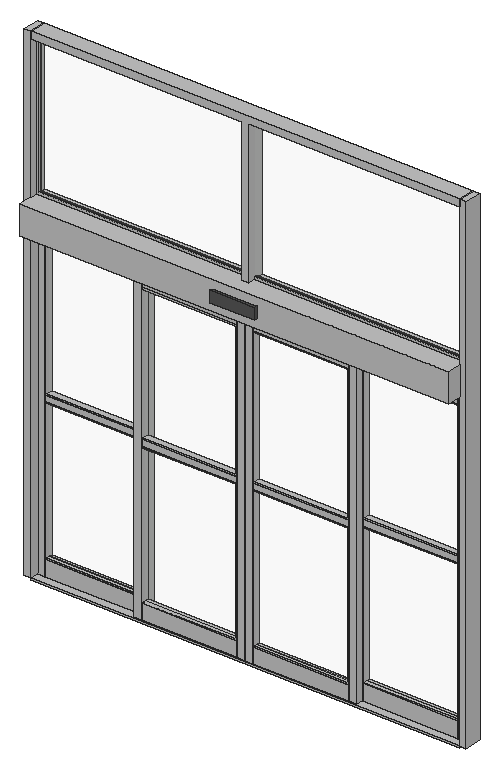
Revit family "Auto-Door_Sliding_BiPart_CurtainWall_Tormax_TX9300", category Doors, Revit 2026
Family settings
  Classification Number = 23.30.10.17.11
  Always vertical = Yes
  Cut with Voids When Loaded = No
  Shared = No
  Room Calculation Point = No
Parameters (values of type "Type as Specified")
  headerdepth = if(HD Drive, 0' 9 1/2", 0' 8")  # 0' - 8"
  Water Penetration = "as Specified"
  Warranty Duration (Years) = 0
  VLT [instance] = 0
  Unit Width [instance] = 9' - 10 3/4"
  Unit Height [instance] = 11' - 0"
  URL = "http://www.tormaxusa.com/"
  U-Factor [instance] = 0
  Transom Height [instance] = 3' - 4"
  Thickness = Frame Thickness  # 0' - 4 1/2"
  Test Data = ""
  Structural Test Pressure = "as Specified"
  Storm Impact Door = no
  Storm Door = no
  Standards Conformance = "as Specified"
  Specification = "http://www.arcat.com/sdspecs/htm/08463tor.htm"
  SpecWizard = ""
  Sensor Color [instance] = Metal - Tormax - Black
  Send Message = "http://www.arcat.com/users.pl?action=UserEmail&company=Tormax+Technologies,+Inc.&coid=43969&rep=108&fax=210-494-5930&mf="
  Sales Information = "http://www.tormaxusa.com/contact.php"
  SHGC [instance] = 0
  Revision = "R1_02-2014"
  ReportPackageWidth [instance] = 9' - 10.88605"
  ReportPackageHeight [instance] = 10' - 11 3/4"
  RO Width [instance] = Unit Width + (RO Spacing_Sides * 2)  # 9' - 11 1/4"
  RO Spacing_Top = 0' - 0 1/4"
  RO Spacing_Sides = 0' - 0 1/4"
  RO Height [instance] = Unit Height + (RO Spacing_Top)  # 11' - 0 1/4"
  Product Properties = ""
  Product Page URL = ""
  Product Data = "http://www.arcat.com/arcatcos/cos43/arc43969.html"
  Panel Width [instance] = (Unit Width / 4) + 0' 0 3/8"  # 2' - 6 1/16"
  Panel Thickness = 0' - 1 3/4"  # constant formula
  Operating Temperature Range = "as Specified"
  Miami Dade Conformance = "as Specified"
  Max Width [instance] = 16' - 0"
  Max Height [instance] = 8' - 8"
  Include Transom = yes
  Has Full Breakout Capability = yes
  HD Drive = no
  Glazing Tint [instance] = Glass - Tormax - Glazing as Specified
  Glazing Thickness_Transom [instance] = 0' - 0 1/4"
  Glazing Thickness_Sliding Panel [instance] = 0' - 0 1/4"
  Glazing Thickness_Fixed Panel [instance] = 0' - 0 1/4"
  Glazing Stop Width [instance] = if(Storm Impact Door, 0' 1 1/4", 0' 0 1/4")  # 0' - 0 1/4"
  Frame Thickness = 0' - 4 1/2"  # constant formula
  Frame Finish [instance] = Metal - Tormax - Aluminum Finished as Specified
  Fixed Panel Material [instance] = Glass - Tormax - Glazing as Specified
  Egress Width [instance] = (Clear Door Opening Width * 2) + 0' 9"  # 8' - 7 3/4"
  Door Threshold [instance] = 9300BP : Recessed Threshold
  Door Stile_Operable Leaf_Wide [instance] = not(Door Stile_Operable Leaf_Narrow)  # no
  Door Stile_Operable Leaf_Narrow [instance] = yes
  Door Stile_Fixed Leaf_Wide [instance] = not(Door Stile_Fixed Leaf_Narrow)  # no
  Door Stile_Fixed Leaf_Narrow [instance] = yes
  Door Stile Width_Operable Leaf [instance] = if(Door Stile_Operable Leaf_Narrow, 0' 2 1/8", 0' 5 1/2")  # 0' - 2 1/8"
  Door Stile Width_Fixed Leaf [instance] = if(Door Stile_Fixed Leaf_Narrow, 0' 2 1/8", 0' 5 1/2")  # 0' - 2 1/8"
  Door Bottom Rail_Tall [instance] = not(Door Bottom Rail_Standard)  # no
  Door Bottom Rail_Standard [instance] = yes
  Door Bottom Rail Height [instance] = if(Door Bottom Rail_Standard, 0' 4", 0' 10")  # 0' - 4"
  Define Thermal Properties by = Schematic Type
  Clear Door Opening Width [instance] = (Panel Width - 0' 6 3/8") * 2  # 3' - 11 3/8"
  Clear Door Opening Height [instance] = Unit Height - Transom Height - 0' 7 3/4" - 0' 1 1/8"  # 6' - 11 1/8"
  CL Adjustment Location [instance] = 0' - 0"
  Model = "As Specified in 08463"
  Manufacturer Website = "http://www.tormaxusa.com/"
  Manufacturer Phone - Toll Free = "888-685-3707"
  Manufacturer Phone = "210-494-3551"
  Manufacturer Fax = "210-494-5930"
  Manufacturer Address = "12859 Wetmore Rd. San Antonio, TX 78247"
  Manufacturer = "TORMAX USA Inc."
  Maintenance Schedule (Months) = 0
  Keynote = "08463"
  Installation-Fabrication = ""
  Installation Phase = ""
  Green Building-LEED = "http://www.arcat.com/green/clients/leed_data_43969.html"
  Function = Interior
  Expected Lifespan (Years) = 0
  Drawn By = "Sumex Design, Inc. / Robert S. Weygant, CSI, CDT, SCIP"
  Description = "Tormax Automatic Sliding Door as Specified in 08463"
  Copyright = "©Arcat Inc."
  Construction Details = "http://www.arcat.com/details/tormax/tormax.html?coid=43969"
  CAD Details = ""
  Breakout Angle [instance] = 45.00°
  Backset from Panel CL [instance] = 0' - 0"
  Available Options = "as Specified"
  Assembly Code = "B2030110"
  Analytic Construction = "<None>"
  Air Infiltration = "as Specified"
  Access Control = no
Reference planes (in)
  plane 1 "Center (Front/Back": y = 0
  plane 2: z = 0
  plane 3 "Center (Left/Right)": x = -2.55803
  plane 4 "Left": x = -62.25106
  plane 5 "Right": x = 57.13499
  plane 6 "Top": z = 131.75
  plane 7: y = 0
  plane 8 "Frame CL": y = 0
  plane 9: y = 2.25
  plane 10: y = -2.25
  plane 11: x = -62.00106
  plane 12: x = 56.88499
  plane 13: z = 132
  plane 14: z = 91.75
Text (in)
  text "Exterior" at (-65.12119, 31.38743, 0), in view "Plan"
Dimensions and locks (in)
  equal spacing: plane 4 "Left", plane 3 "Center (Left/Right)", plane 5 "Right"
  "CL Adjustment Location": plane 1 "Center (Front/Back" to plane 7
  "Backset from Panel CL": plane 7 to plane 8 "Frame CL"
  equal spacing: plane 9, plane 8 "Frame CL", plane 10
  locked: plane 9 to plane 10 at 4.5
  "RO Spacing_Sides": plane 4 "Left" to plane 11
  "RO Spacing_Sides": plane 12 to plane 5 "Right"
  "RO Spacing_Top": plane 13 to plane 6 "Top"
  "ReportPackageWidth": plane 11 to plane 12
  "ReportPackageHeight": plane 6 "Top" to level
  "Transom Height": plane 6 "Top" to plane 14
  aligned and locked: nested 1 to plane 3 "Center (Left/Right)"
Nested families (in)
  nested 1: "9300BP" at (-2.55803, 0, 66) x (-1, 0, 0) z (0, 1, 0), stormimpact <- "Storm Impact Door", include transom <- "Include Transom", breakout <- "Has Full Breakout Capability", accesscontrol <- "Access Control", breakout angle <- "Breakout Angle", doodad finish <- "Sensor Color", fixed glazing thickness <- "Glazing Thickness_Fixed Panel", glazing stop width <- "Glazing Stop Width", Unit Width <- "ReportPackageWidth", Unit Height <- "ReportPackageHeight", transom glazing <- "Glazing Tint", sliding panel glazing <- "Glazing Tint", fixed panel glazing <- "Fixed Panel Material", frame finish <- "Frame Finish", transom height <- "Transom Height", transom glass thickness <- "Glazing Thickness_Transom", stile width_operable <- "Door Stile Width_Operable Leaf", stile width_fixed <- "Door Stile Width_Fixed Leaf", sliding glazing thickness <- "Glazing Thickness_Sliding Panel", bottom rail height <- "Door Bottom Rail Height", type <- "Door Threshold", headerdepth <- "headerdepth", type "Recessed Threshold"
    with transom height 3' - 4", transom glazing Glass - Tormax - Glazing as Specified, transom glass thickness 0' - 0 1/4", stormimpact no, stile width_operable 0' - 2 1/8", stile width_fixed 0' - 2 1/8", sliding panel glazing Glass - Tormax - Glazing as Specified, sliding glazing thickness 0' - 0 1/4", panelheightb 7' - 0", panelheighta 6' - 11 11/16", panel width 2' - 6.03401", panel thickness 0' - 1 3/4", nonimpact yes, locatepanelfromright 0' - 0", locatepanelfromleft 0' - 0", include transom yes, headerdepth 0' - 8", glazing stop width 0' - 0 1/4", frame finish Metal - Tormax - Aluminum Finished as Specified, fixed panel glazing Glass - Tormax - Glazing as Specified, fixed glazing thickness 0' - 0 1/4", doodad finish Metal - Tormax - Black, center rail width 0' - 1 3/4", breakout angle 45.00°, breakout yes, bottom rail height 0' - 4", air space 0' - 0 5/16", accesscontrol no, Unit Width 9' - 10.88605", Unit Height 10' - 11 3/4"
Definition of nested family "9300BP"
  Parameters (values of type "Partial Recessed Threshold")
    transom height [instance] = 3' - 4 3/16"
    transom glazing [instance] = none
    transom glass thickness [instance] = 0' - 1"
    surface threshold = no
    stormimpact [instance] = yes
    stile width_fixed [instance] = 0' - 2 1/8"
    panelheightb [instance] = Unit Height - transom height - 0' 7 3/4" - (air space - 0' 0 5/16")  # 7' - 0 1/16"
    panelheighta [instance] = Unit Height - transom height - 0' 7 3/4" - air space  # 6' - 11 3/4"
    nonimpact [instance] = not(stormimpact)  # no
    stile width_operable [instance] = 0' - 2 1/8"
    sliding panel glazing [instance] = none
    panel width [instance] = (Unit Width + 0' 1 1/4") / 4  # 1' - 9 5/16"
    panel thickness [instance] = 0' - 1 3/4"
    locatepanelfromright [instance] = 0' - 0"  # constant formula
    locatepanelfromleft [instance] = 0' - 0"  # constant formula
    include transom [instance] = yes
    sliding glazing thickness [instance] = 0' - 0 1/2"
    headerdepth [instance] = 0' - 8"
    glazing stop width [instance] = 0' - 0 1/4"
    frame finish [instance] = none
    fixed panel glazing [instance] = none
    fixed glazing thickness [instance] = 0' - 0 1/4"
    doodad finish [instance] = none
    center rail width [instance] = if(accesscontrol, 0' 4 1/2", 0' 1 3/4")  # 0' - 4 1/2"
    breakout angle [instance] = 45.00°
    breakout [instance] = yes
    bottom rail height [instance] = 0' - 4"
    air space [instance] = if(surface threshold, 0' 0 13/16", 0' 0 5/16")  # 0' - 0 5/16"
    accesscontrol [instance] = yes
    Warranty Duration (Years) = 0
    Unit Width [instance] = 7' - 0"
    Unit Height [instance] = 11' - 0"
    Unit Depth = 2' - 8"
    URL = ""
    Threshold_recessed = no
    Threshold_partial recess = yes
    Threshold_double bevel = no
    Threshold_bevel interior = no
    Threshold_bevel exterior = no
    Thickness = 0' - 2 1/8"
    Specification = ""
    SpecWizard = ""
    Send Message = ""
    Sales Information = ""
    Revision = "R1_01-2014"
    Product Properties = ""
    Product Data = ""
    Model = "As Specified"
    Manufacturer Website = ""
    Manufacturer Phone - Toll Free = ""
    Manufacturer Phone = ""
    Manufacturer Fax = ""
    Manufacturer Address = ""
    Manufacturer = ""
    Maintenance Schedule (Months) = 0
    Keynote = ""
    Installation-Fabrication = ""
    Installation Phase = ""
    Green Building-LEED = ""
    Expected Lifespan (Years) = 0
    Drawn By = "Sumex Design, Inc. / Robert S. Weygant, CSI, CDT, SCIP"
    Description = ""
    Define Thermal Properties by = 1
    Default Elevation = 0' - 0"
    Copyright = "©Arcat Inc."
    Construction Details = ""
    Assembly Code = ""
    Analytic Construction = "<None>"
  Types (6): name | surface threshold | panelheightb | panelheighta | air space | Threshold_recessed | Threshold_partial recess | Threshold_double bevel | Threshold_bevel interior | Threshold_bevel exterior
    No Threshold | no | 7' - 0 1/16" | 6' - 11 3/4" | 0' - 0 5/16" | no | no | no | no | no
    Recessed Threshold | no | 7' - 0 1/16" | 6' - 11 3/4" | 0' - 0 5/16" | yes | no | no | no | no
    Bevel to Exterior Threshold | yes | 6' - 11 9/16" | 6' - 11 1/4" | 0' - 0 13/16" | no | no | no | no | yes
    Bevel to Interior Threshold | yes | 6' - 11 9/16" | 6' - 11 1/4" | 0' - 0 13/16" | no | no | no | yes | no
    Double Bevel Threshold | yes | 6' - 11 9/16" | 6' - 11 1/4" | 0' - 0 13/16" | no | no | yes | no | no
    Partial Recessed Threshold | no | 7' - 0 1/16" | 6' - 11 3/4" | 0' - 0 5/16" | no | yes | no | no | no
  Reference planes (in)
    plane 1 "Center (Front/Back)": y = 0
    plane 2 "Bottom": z = 0
    plane 3 "Center (Left/Right)": x = 0
    plane 4 "FF": y = -66
    plane 5 "Top": y = 66
    plane 6 "Left": x = -42
    plane 7 "Right": x = 42
    plane 8: y = 25.8125
    plane 9: z = 0.5
    plane 10: z = -0.5
    plane 11: x = -40.25
    plane 12: x = 40.25
    plane 13: x = 21.3125
    plane 14: x = 18.9375
    plane 15: y = -65.6875
    plane 16: z = 2.25
    plane 17: x = 40.25
    plane 18: y = 18.0625
    plane 19: x = 10.65625
    plane 20: x = -20.125
    plane 21: x = 20.125
    plane 22: x = -21.3125
    plane 23: x = -18.9375
    plane 24: x = -10.65625
    plane 25: x = -19.1875
    plane 26: x = 19.1875
    plane 27: y = -66
    plane 28: z = -2.25
    plane 29: z = 1.75
    plane 30: x = -40.25
    plane 31: x = 40.25
    plane 32: z = -5.75
  Forms (in)
    Extrusion 1, solid, material <- "frame finish"
      sketch origin (0, 0, 0) x (1, 0, 0) y (0, 0, 1)
        loop
          line (-42, -2.25) -> (-40.25, -2.25) -> (-40.25, 2.25) -> (-42, 2.25) -> (-42, -2.25)
        loop
          line (40.25, -2.25) -> (42, -2.25) -> (42, 2.25) -> (40.25, 2.25) -> (40.25, -2.25)
      from -66 to 66
    Extrusion 2, solid, material <- "frame finish"
      sketch origin (0, 0, 0) x (0, 1, 0) y (0, 0, 1)
        loop
          line (66, 2.25) -> (64.1875, 2.25) -> (64.1875, -2.25) -> (66, -2.25) -> (66, 2.25)
      from -40.25 to 40.25
    Extrusion 3, solid, material <- "frame finish"
      sketch origin (0, 0, 0) x (0, 1, 0) y (0, 0, 1)
        loop
          line (25.8125, -5.75) -> (25.8125, 2.25) -> (18.0625, 2.25) -> (18.0625, -5.75) -> (25.8125, -5.75)
      from -40.25 to 40.25
    Extrusion 4, solid, material <- "transom glazing", visible <- "include transom"
      sketch origin (0, 0, 0) x (0, 1, 0) y (0, 0, 1)
        loop
          line (25.8125, -0.5) -> (64.1875, -0.5) -> (64.1875, 0.5) -> (25.8125, 0.5) -> (25.8125, -0.5)
      from -40.25 to 40.25
    Sweep 5, solid, material <- "frame finish", visible <- "include transom"
      path origin (0, 0, 0) x (1, 0, 0) y (0, 1, 0)
        loop
          line (-40.25, 64.1875) -> (-40.25, 25.8125) -> (40.25, 25.8125) -> (40.25, 64.1875) -> (-40.25, 64.1875)
      profile origin (0, 64.1875, 0) x (0, 1, 0) y (0, 0, 1)
        loop
          line (0, 0.5) -> (0, 0.5625) -> (-0.75, 0.5625) -> (-0.75, 0.5) -> (0, 0.5)
        loop
          line (0, -0.5) -> (-0.75, -0.5) -> (-0.75, -0.75) -> (0, -0.75) -> (0, -0.5)
    Extrusion 6, solid, material <- "frame finish", visible <- "Threshold_recessed"
      sketch origin (0, 0, 0) x (0, 1, 0) y (0, 0, 1)
        loop
          line (-66, 2.25) -> (-66.5, 2.25) -> (-66.5, -2.25) -> (-66, -2.25) -> (-66, 2.25)
      from -40.25 to 40.25
    Extrusion 7, solid, material <- "frame finish", visible <- "Threshold_bevel exterior"
      sketch origin (0, 0, 0) x (0, 1, 0) y (0, 0, 1)
        loop
          line (-66, -2.25) -> (-65.5, -2.25) -> (-65.5, 2.25) -> (-66, 4.25) -> (-66, -2.25)
      from -40.25 to 40.25
    Extrusion 8, solid, material <- "frame finish", visible <- "Threshold_bevel interior"
      sketch origin (0, 0, 0) x (0, 1, 0) y (0, 0, 1)
        loop
          line (-65.5, -2.25) -> (-65.5, 2.25) -> (-66, 2.25) -> (-66, -4.25) -> (-65.5, -2.25)
      from -40.25 to 40.25
    Extrusion 9, solid, material <- "frame finish", visible <- "Threshold_double bevel"
      sketch origin (0, 0, 0) x (0, 1, 0) y (0, 0, 1)
        loop
          line (-66, 4.25) -> (-66, -4.25) -> (-65.5, -2.25) -> (-65.5, 2.25) -> (-66, 4.25)
      from -40.25 to 40.25
    Extrusion 10, solid, material <- "doodad finish"
      sketch origin (0, 0, 0) x (0, 1, 0) y (0, 0, 1)
        loop
          line (23.4375, 2.25) -> (23.4375, 3) -> (20.4375, 3) -> (20.4375, 2.25) -> (23.4375, 2.25)
        loop
          line (23.4375, -6.5) -> (23.4375, -5.75) -> (20.4375, -5.75) -> (20.4375, -6.5) -> (23.4375, -6.5)
      from -6 to 6
    Extrusion 11, solid, material <- "frame finish", visible <- "Threshold_partial recess"
      sketch origin (-40.25, -180, 14.24335) x (0, 0, 1) y (0, -1, 0)
        loop
          line (-11.99335, -114) -> (-11.99335, -113.5) -> (-16.49335, -113.5) -> (-16.49335, -114) -> (-11.99335, -114)
      from 0 to 21.3125 <- "panel width"
    Extrusion 12, solid, material <- "frame finish", visible <- "Threshold_partial recess"
      sketch origin (40.25, -180, 12.3397) x (0, 0, -1) y (0, -1, 0)
        loop
          line (10.0897, -114) -> (14.5897, -114) -> (14.5897, -113.5) -> (10.0897, -113.5) -> (10.0897, -114)
      from 0 to 21.3125 <- "panel width"
    Extrusion 13, solid, material <- "frame finish"
      sketch origin (0, 0, 0) x (0, 1, 0) y (0, 0, 1)
        loop
          line (25.8125, 2.25) -> (25.8125, -2.25) -> (64.1875, -2.25) -> (64.1875, 2.25) -> (25.8125, 2.25)
      from 0.875 to -0.875
  Cuts and joins
    joined: Extrusion 2, Extrusion 13
  Dimensions and locks (in)
    "Unit Width": plane 6 "Left" to plane 7 "Right"
    equal spacing: plane 5 "Top", plane 1 "Center (Front/Back)", plane 4 "FF"
    "Unit Height": plane 5 "Top" to plane 4 "FF"
    "transom height": plane 5 "Top" to plane 8
    locked: Extrusion 2 sketch curve to plane 5 "Top" at 1.8125
    locked: Extrusion 3 sketch curve to plane 8 at 7.75
    equal spacing: plane 10, level, plane 9
    "transom glass thickness": plane 10 to plane 9
    locked: Extrusion 4 sketch curve to plane 5 "Top" at 1.8125
    locked: plane 6 "Left" to Sweep 5 sketch curve at 1.75
    locked: Sweep 5 sketch curve to plane 7 "Right" at 1.75
    locked: plane 5 "Top" to Sweep 5 sketch curve at 1.8125
    locked: plane 9 to Sweep 5 sketch curve at 0.0625
    Sweep 5 sketch curve to Sweep 5 sketch curve to plane 5 "Top" = 0' - 0 3/4" locked, 0' - 1 13/16" locked  (x2)
    locked: Sweep 5 sketch curve to plane 10 at 0.25
    locked: plane 12 to plane 7 "Right" at 1.75
    locked: plane 6 "Left" to plane 11 at 1.75
    "air space": plane 15 to plane 4 "FF"
    locked: plane 18 to plane 8 at 7.75
    locked: plane 16 to level at 2.25
    Extrusion 1 sketch curve to level to Extrusion 1 sketch curve = 0' - 2 1/4" locked, 0' - 2 1/4" locked  (x2)
    Extrusion 6 sketch curve to level to Extrusion 6 sketch curve = 0' - 2 1/4" locked, 0' - 2 1/4" locked
    locked: Extrusion 6 sketch curve to plane 4 "FF" at 0.5
    Extrusion 7 sketch curve to level to Extrusion 7 sketch curve to Extrusion 7 sketch curve = 0' - 2 1/4" locked, 0' - 2 1/4" locked, 0' - 2" locked
    Extrusion 8 sketch curve to Extrusion 8 sketch curve to level to Extrusion 8 sketch curve = 0' - 2" locked, 0' - 2 1/4" locked, 0' - 2 1/4" locked
    Extrusion 9 sketch curve to Extrusion 9 sketch curve to level to Extrusion 9 sketch curve to Extrusion 9 sketch curve = 0' - 2" locked, 0' - 2 1/4" locked, 0' - 2 1/4" locked, 0' - 2" locked
    locked: plane 4 "FF" to Extrusion 9 sketch curve at 0.5
    locked: plane 4 "FF" to Extrusion 7 sketch curve at 0.5
    locked: plane 4 "FF" to Extrusion 8 sketch curve at 0.5
    locked: plane 18 to Extrusion 10 sketch curve at 2.375  (x2)
    locked: Extrusion 10 sketch curve to plane 8 at 2.375  (x2)
    equal spacing: plane 13, plane 21, plane 14
    equal spacing: plane 11, plane 20, plane 3 "Center (Left/Right)", plane 21, plane 12
    locked: plane 12 to plane 17
    equal spacing: plane 23, plane 20, plane 22
    "stile width_operable": plane 22 to plane 25
    "glazing stop width": plane 25 to plane 23
    "stile width_operable": plane 26 to plane 13
    "glazing stop width": plane 14 to plane 26
    locked: level to plane 28 at 2.25
    locked: plane 15 to plane 27 at 0.3125
    locked: plane 16 to plane 29 at 0.5
    Extrusion 11 sketch curve to level to Extrusion 11 sketch curve = 0' - 2 1/4" locked, 0' - 2 1/4" locked
    locked: Extrusion 11 sketch curve to plane 4 "FF" at 0.5
    Extrusion 12 sketch curve to level to Extrusion 12 sketch curve = 0' - 2 1/4" locked, 0' - 2 1/4" locked
    locked: Extrusion 12 sketch curve to plane 4 "FF" at 0.5
    "headerdepth": plane 16 to plane 32
    locked: Extrusion 10 sketch curve to plane 16 at 0.75
    locked: plane 32 to Extrusion 10 sketch curve at 0.75
    locked: Extrusion 13 sketch curve to plane 5 "Top" at 1.8125
    aligned and locked: Extrusion 1 to plane 5 "Top"
    aligned and locked: Extrusion 1 to plane 4 "FF"
    aligned and locked: plane 5 "Top" to Extrusion 2 sketch curve
    aligned and locked: plane 8 to Extrusion 3 sketch curve
    aligned and locked: plane 8 to Extrusion 4 sketch curve
    aligned and locked: Sweep 5 sketch curve to plane 8
    aligned and locked: plane 9 to Sweep 5 sketch curve
    aligned and locked: plane 10 to Sweep 5 sketch curve
    aligned and locked: plane 11 to Extrusion 1 sketch curve
    aligned and locked: plane 12 to Extrusion 1 sketch curve
    aligned and locked: Extrusion 1 sketch curve to plane 7 "Right"
    aligned and locked: plane 6 "Left" to Extrusion 1 sketch curve
    aligned and locked: Extrusion 2 to plane 11
    aligned and locked: Extrusion 4 to plane 11
    aligned and locked: plane 12 to Extrusion 4
    aligned and locked: plane 12 to Extrusion 2
    aligned and locked: plane 12 to Extrusion 3
    aligned and locked: Extrusion 3 to plane 11
    aligned and locked: plane 4 "FF" to Extrusion 6 sketch curve
    aligned and locked: Extrusion 9 sketch curve to plane 4 "FF"
    aligned and locked: plane 4 "FF" to Extrusion 7 sketch curve
    aligned and locked: plane 4 "FF" to Extrusion 8 sketch curve
    aligned and locked: plane 17 to Extrusion 7
    aligned and locked: plane 17 to Extrusion 9
    aligned and locked: plane 17 to Extrusion 8
    aligned and locked: plane 17 to Extrusion 6
    aligned and locked: plane 11 to Extrusion 9
    aligned and locked: plane 11 to Extrusion 7
    aligned and locked: plane 11 to Extrusion 8
    aligned and locked: plane 11 to Extrusion 6
    aligned and locked: plane 15 to nested 1
    aligned: nested 1 to plane 18  (x2)
    aligned: plane 16 to nested 1
    aligned and locked: plane 27 to nested 2
    aligned: nested 2 to plane 18  (x2)
    aligned: plane 17 to nested 2
    aligned and locked: plane 29 to nested 2
    aligned and locked: plane 28 to nested 1
    aligned and locked: plane 17 to nested 2
    aligned and locked: nested 1 to plane 3 "Center (Left/Right)"
    aligned and locked: nested 4 to plane 27
    aligned and locked: nested 2 to plane 18
    aligned and locked: nested 3 to plane 15
    aligned and locked: plane 4 "FF" to Extrusion 11 sketch curve
    aligned and locked: plane 4 "FF" to Extrusion 12 sketch curve
    aligned and locked: plane 31 to plane 17
    aligned and locked: plane 30 to plane 11
    aligned and locked: nested 4 to plane 11
    aligned and locked: nested 3 to plane 3 "Center (Left/Right)"
    aligned and locked: plane 16 to Extrusion 3 sketch curve
    aligned and locked: Extrusion 3 sketch curve to plane 32
    aligned and locked: plane 16 to Extrusion 10 sketch curve
    aligned and locked: Extrusion 10 sketch curve to plane 32
    aligned and locked: plane 8 to Extrusion 13 sketch curve
  Automatic sketch dimensions
    plane 28 to Extrusion 2 sketch curve = 0' - 0"
    Extrusion 2 sketch curve to plane 16 = 0' - 0"
    plane 10 to Extrusion 4 sketch curve = 0' - 0"
    plane 9 to Extrusion 4 sketch curve = 0' - 0"
    plane 28 to Extrusion 13 sketch curve = 0' - 0"
    Extrusion 13 sketch curve to plane 16 = 0' - 0"
  Nested families (in)
    nested 1: "FramedPanelB" at (10.65625, -23.8125, -1.375), stilewidth <- "stile width_operable", glazing thickness <- "sliding glazing thickness", glassstopwidth <- "glazing stop width", bottomrailheight <- "bottom rail height", Width <- "panel width", breakout angle <- "breakout angle", nonimpact <- "nonimpact", stormimpact <- "stormimpact", frame finish <- "frame finish", fixed panel glazing <- "sliding panel glazing", Height <- "panelheighta", doodad <- "doodad finish", centerrailwidth <- "center rail width", type "FramedPanelB"
      with stormimpact yes, stilewidth 0' - 2 1/8", rightchannel no, nonimpact no, mainbreakout no, leftchannel no, glazing thickness 0' - 0 1/2", glassstopwidth 0' - 0 1/4", fullbreakout no, frame finish none, fixed panel glazing none, doodad none, directionalarrowinterior yes, directionalarrowexterior no, centerrailwidth 0' - 4 1/2", breakoutswing_plan yes, breakoutswing yes, breakout angle 45.00°, bottomrailheightactual 0' - 4", bottomrailheight 0' - 4", airspaceunderdoor 0' - 0", built-in parameter 1001301 1' - 9 5/16", built-in parameter 1001300 6' - 11 3/4"
    nested 2: "FramedPanelB" at (29.59375, -23.96875, 0.875), airspaceunderdoor <- "air space", bottomrailheight <- "bottom rail height", stilewidth <- "stile width_fixed", glazing thickness <- "fixed glazing thickness", glassstopwidth <- "glazing stop width", Width <- "panel width", nonimpact <- "nonimpact", stormimpact <- "stormimpact", frame finish <- "frame finish", fixed panel glazing <- "fixed panel glazing", breakout angle <- "breakout angle", Height <- "panelheightb", doodad <- "doodad finish", centerrailwidth <- "center rail width", type "FramedPanelB"
      with stormimpact yes, stilewidth 0' - 2 1/8", rightchannel no, nonimpact no, mainbreakout yes, leftchannel yes, glazing thickness 0' - 0 1/4", glassstopwidth 0' - 0 1/4", fullbreakout yes, frame finish none, fixed panel glazing none, doodad none, directionalarrowinterior no, directionalarrowexterior no, centerrailwidth 0' - 4 1/2", breakoutswing_plan yes, breakoutswing yes, breakout angle 45.00°, bottomrailheightactual 0' - 4 5/16", bottomrailheight 0' - 4", airspaceunderdoor 0' - 0 5/16", built-in parameter 1001301 1' - 9 5/16", built-in parameter 1001300 7' - 0 1/16"
    nested 3: "FramedPanelB" at (-10.65625, -23.8125, -1.375) x (-1, 0, 0) z (0, 0, 1), stilewidth <- "stile width_operable", glazing thickness <- "sliding glazing thickness", glassstopwidth <- "glazing stop width", bottomrailheight <- "bottom rail height", Width <- "panel width", breakout angle <- "breakout angle", nonimpact <- "nonimpact", stormimpact <- "stormimpact", frame finish <- "frame finish", fixed panel glazing <- "sliding panel glazing", Height <- "panelheighta", doodad <- "doodad finish", centerrailwidth <- "center rail width", type "FramedPanelB"
      with stormimpact yes, stilewidth 0' - 2 1/8", rightchannel no, nonimpact no, mainbreakout no, leftchannel no, glazing thickness 0' - 0 1/2", glassstopwidth 0' - 0 1/4", fullbreakout no, frame finish none, fixed panel glazing none, doodad none, directionalarrowinterior yes, directionalarrowexterior no, centerrailwidth 0' - 4 1/2", breakoutswing_plan yes, breakoutswing yes, breakout angle 45.00°, bottomrailheightactual 0' - 4", bottomrailheight 0' - 4", airspaceunderdoor 0' - 0", built-in parameter 1001301 1' - 9 5/16", built-in parameter 1001300 6' - 11 3/4"
    nested 4: "FramedPanelB" at (-29.59375, -23.96875, 0.875) x (-1, 0, 0) z (0, 0, 1), airspaceunderdoor <- "air space", bottomrailheight <- "bottom rail height", stilewidth <- "stile width_fixed", glazing thickness <- "fixed glazing thickness", glassstopwidth <- "glazing stop width", Width <- "panel width", nonimpact <- "nonimpact", stormimpact <- "stormimpact", frame finish <- "frame finish", fixed panel glazing <- "fixed panel glazing", breakout angle <- "breakout angle", Height <- "panelheightb", doodad <- "doodad finish", centerrailwidth <- "center rail width", type "FramedPanelB"
      with stormimpact yes, stilewidth 0' - 2 1/8", rightchannel no, nonimpact no, mainbreakout yes, leftchannel yes, glazing thickness 0' - 0 1/4", glassstopwidth 0' - 0 1/4", fullbreakout yes, frame finish none, fixed panel glazing none, doodad none, directionalarrowinterior no, directionalarrowexterior no, centerrailwidth 0' - 4 1/2", breakoutswing_plan yes, breakoutswing yes, breakout angle 45.00°, bottomrailheightactual 0' - 4 5/16", bottomrailheight 0' - 4", airspaceunderdoor 0' - 0 5/16", built-in parameter 1001301 1' - 9 5/16", built-in parameter 1001300 7' - 0 1/16"
  Definition of nested family "FramedPanelB"
    Parameters (values of type "FramedPanelB")
      stormimpact [instance] = yes
      stilewidth [instance] = 0' - 2 3/16"
      rightchannel [instance] = yes
      mainbreakout [instance] = yes
      nonimpact [instance] = no
      leftchannel [instance] = yes
      glazing thickness [instance] = 0' - 0 3/4"
      glassstopwidth [instance] = 0' - 0 1/4"
      fullbreakout [instance] = yes
      frame finish [instance] = none
      fixed panel glazing [instance] = none
      doodad [instance] = none
      directionalarrowinterior [instance] = yes
      directionalarrowexterior [instance] = yes
      centerrailwidth [instance] = 0' - 4 1/2"
      breakoutswing_plan [instance] = yes
      breakoutswing [instance] = yes
      breakout angle [instance] = 45.00°
      bottomrailheightactual [instance] = bottomrailheight + airspaceunderdoor  # 0' - 6 1/2"
      bottomrailheight [instance] = 0' - 6"
      airspaceunderdoor [instance] = 0' - 0 1/2"
      Width [instance] = 2' - 8"
      Warranty Duration (Years) = 0
      URL = ""
      Specification = ""
      SpecWizard = ""
      Send Message = ""
      Sales Information = ""
      Revision = "R1_01-2014"
      Product Properties = ""
      Product Data = ""
      Model = "As Specified"
      Manufacturer Website = ""
      Manufacturer Phone - Toll Free = ""
      Manufacturer Phone = ""
      Manufacturer Fax = ""
      Manufacturer Address = ""
      Manufacturer = ""
      Maintenance Schedule (Months) = 0
      Keynote = ""
      Installation-Fabrication = ""
      Installation Phase = ""
      Height [instance] = 6' - 0"
      Green Building-LEED = ""
      Expected Lifespan (Years) = 0
      Drawn By = "Sumex Design, Inc. / Robert S. Weygant, CSI, CDT, SCIP"
      Description = ""
      Define Thermal Properties by = 1
      Default Elevation = 0' - 0"
      Copyright = "©Arcat Inc."
      Construction Details = ""
      Assembly Code = ""
      Analytic Construction = "<None>"
    Reference planes (in)
      plane 1 "Center (Front/Back)": y = 0
      plane 2 "Bottom": z = 0
      plane 3 "Center (Left/Right)": x = 0
      plane 4 "Front": y = -36
      plane 5 "Back": y = 36
      plane 6 "Left": x = -16
      plane 7 "Right": x = 16
      plane 8 "Side1": z = 0.875
      plane 9: z = -0.875
      plane 10: z = 0.375
      plane 11: z = -0.375
      plane 12: y = -29.5
      plane 13: y = -29.25
      plane 14: x = -13.8125
      plane 15: y = 32.5
      plane 16: y = 7.25
      plane 17: y = 9.5
      plane 18: y = 5
      plane 19: y = 9.75
      plane 20: y = 4.75
      plane 21: x = -13.5625
      plane 22: x = 13.8125
      plane 23: y = 32.25
      plane 24: y = -35.5
      plane 25: y = 0.25
      plane 26: x = 13.5625
    Forms (in)
      Extrusion 1, solid, material <- "frame finish"
        sketch origin (-14.75, 57.80249, -0.875) x (1, 0, 0) y (0, 1, 0)
          loop
            line (30.75, -21.80249) -> (28.5625, -21.80249) -> (28.5625, -93.80249) -> (30.75, -93.80249) -> (30.75, -21.80249)
          loop
            line (-1.25, -21.80249) -> (-1.25, -93.80249) -> (0.9375, -93.80249) -> (0.9375, -21.80249) -> (-1.25, -21.80249)
        from 0 to 1.75
      Extrusion 2, solid, material <- "frame finish"
        sketch origin (-14.75, 57.80249, -0.875) x (1, 0, 0) y (0, 1, 0)
          loop
            line (0.9375, -21.80249) -> (0.9375, -25.30249) -> (28.5625, -25.30249) -> (28.5625, -21.80249) -> (0.9375, -21.80249)
        from 0 to 1.75
      Extrusion 3, solid, material <- "frame finish", visible <- "nonimpact"
        sketch origin (-14.75, 57.80249, -0.875) x (1, 0, 0) y (0, 1, 0)
          loop
            line (0.9375, -48.30249) -> (0.9375, -52.80249) -> (28.5625, -52.80249) -> (28.5625, -48.30249) -> (0.9375, -48.30249)
        from 0 to 1.75
      Extrusion 4, solid, material <- "frame finish"
        sketch origin (-14.75, 57.80249, -0.875) x (1, 0, 0) y (0, 1, 0)
          loop
            line (28.5625, -87.30249) -> (0.9375, -87.30249) -> (0.9375, -93.80249) -> (28.5625, -93.80249) -> (28.5625, -87.30249)
        from 0 to 1.75
      Extrusion 5, solid, material <- "frame finish", visible <- "nonimpact"
        sketch origin (-14.75, 57.80249, -0.875) x (1, 0, 0) y (0, 1, 0)
          loop
            line (0.9375, -25.30249) -> (0.9375, -48.30249) -> (28.5625, -48.30249) -> (28.5625, -25.30249) -> (0.9375, -25.30249)
          loop
            line (1.1875, -48.05249) -> (28.3125, -48.05249) -> (28.3125, -25.55249) -> (1.1875, -25.55249) -> (1.1875, -48.05249)
        from 0 to 1.75
      Extrusion 6, solid, material <- "frame finish", visible <- "nonimpact"
        sketch origin (-14.75, 57.80249, -0.875) x (1, 0, 0) y (0, 1, 0)
          loop
            line (0.9375, -52.80249) -> (0.9375, -87.30249) -> (28.5625, -87.30249) -> (28.5625, -52.80249) -> (28.3125, -52.80249) -> (28.3125, -87.05249) -> (1.1875, -87.05249) -> (1.1875, -52.80249) -> (0.9375, -52.80249)
        from 0 to 1.75
      Extrusion 7, solid, material <- "frame finish", visible <- "nonimpact"
        sketch origin (-14.75, 57.80249, -0.875) x (1, 0, 0) y (0, 1, 0)
          loop
            line (1.1875, -52.80249) -> (1.1875, -53.05249) -> (28.3125, -53.05249) -> (28.3125, -52.80249) -> (1.1875, -52.80249)
        from 0 to 1.75
      Extrusion 8, solid, material <- "frame finish", visible <- "stormimpact"
        sketch origin (-14.75, 57.80249, -0.875) x (1, 0, 0) y (0, 1, 0)
          loop
            line (0.9375, -25.30249) -> (0.9375, -87.30249) -> (28.5625, -87.30249) -> (28.5625, -25.30249) -> (28.3125, -25.30249) -> (28.3125, -87.05249) -> (1.1875, -87.05249) -> (1.1875, -25.30249) -> (0.9375, -25.30249)
        from 0 to 1.75
      Extrusion 9, solid, material <- "frame finish", visible <- "stormimpact"
        sketch origin (-14.75, 57.80249, -0.875) x (1, 0, 0) y (0, 1, 0)
          loop
            line (1.1875, -25.30249) -> (1.1875, -25.55249) -> (28.3125, -25.55249) -> (28.3125, -25.30249) -> (1.1875, -25.30249)
        from 0 to 1.75
      Extrusion 10, solid, material <- "fixed panel glazing"
        sketch origin (-14.75, 57.80249, -0.875) x (1, 0, 0) y (0, 1, 0)
          loop
            line (1.1875, -25.55249) -> (1.1875, -87.05249) -> (28.3125, -87.05249) -> (28.3125, -25.55249) -> (1.1875, -25.55249)
        from 0.5 to 1.25
      Extrusion 11, solid, material <- "doodad", visible <- "rightchannel"
        sketch origin (0, 0, 0) x (1, 0, 0) y (0, 0, 1)
          loop
            line (15.15625, -0.875) -> (14.65625, -0.875) -> (14.65625, -1.375) -> (15.15625, -1.375) -> (15.15625, -0.875)
        from -36 to 36
      Extrusion 12, solid, material <- "doodad", visible <- "leftchannel"
        sketch origin (-29.75, 0, 0) x (1, 0, 0) y (0, 0, 1)
          loop
            line (15.09375, -0.875) -> (14.59375, -0.875) -> (14.59375, -1.375) -> (15.09375, -1.375) -> (15.09375, -0.875)
        from -36 to 36
    Lines and regions (in)
      Masking region 1, visible <- "directionalarrowexterior"
        outline origin (0, 0, 0) x (1, 0, 0) y (0, 0, 1)
          loop
            line (-2.23256, 3.10174) -> (2.23256, 3.10174) -> (2.23256, 2.125) -> (3.76744, 3.65988) -> (2.23256, 5.19477) -> (2.23256, 4.21802) -> (-2.23256, 4.21802) -> (-2.23256, 3.10174)
      Masking region 2, visible <- "directionalarrowinterior"
        outline origin (0, 0, -9.75) x (1, 0, 0) y (0, 0, 1)
          loop
            line (-2.23256, 5.53198) -> (2.23256, 5.53198) -> (2.23256, 4.55523) -> (3.76744, 6.09012) -> (2.23256, 7.625) -> (2.23256, 6.64826) -> (-2.23256, 6.64826) -> (-2.23256, 5.53198)
      symbolic lines, visible <- "breakoutswing"
        curve 1: line (-16, 36, 0) -> (16, 0.25, 0)
        curve 2: line (16, 0.25, 0) -> (-16, -35.5, 0)
      model lines, visible <- "breakoutswing_plan"
        curve 3: arc (-16, -36, 0.875) -> (-13.56415, -36, 13.12087) -> (-6.62742, -36, 23.50242) r 32
        curve 4: line (16, -36, 0.875) -> (-6.62742, -36, 23.50242)
      reference lines
        curve 5: line (16, 0, 0.875) -> (7.51472, 0, 9.36028)
      symbolic lines, visible <- "mainbreakout"
        curve 6: line (-6.62742, 0, 23.50242) -> (-7.86485, 0, 22.26498)
        curve 7: line (-7.86485, 0, 22.26498) -> (14.76256, 0, -0.36244)
        curve 8: line (16, 0, 0.875) -> (14.76256, 0, -0.36244)
      symbolic lines, visible <- "fullbreakout"
        curve 9: line (-6.80419, 0, 20.14366) -> (-8.04163, 0, 18.90622)
        curve 10: line (-8.04163, 0, 18.90622) -> (14.58579, 0, -3.72119)
        curve 11: line (-6.80419, 0, 20.14366) -> (15.82322, 0, -2.48376)
        curve 12: line (15.82322, 0, -2.48376) -> (14.58579, 0, -3.72119)
    Dimensions and locks (in)
      equal spacing: plane 6 "Left", plane 3 "Center (Left/Right)", plane 7 "Right"
      "Width": plane 6 "Left" to plane 7 "Right"
      equal spacing: plane 5 "Back", plane 1 "Center (Front/Back)", plane 4 "Front"
      "Height": plane 5 "Back" to plane 4 "Front"
      locked: plane 8 "Side1" to level at 0.875
      locked: level to plane 9 at 0.875
      equal spacing: plane 10, level, plane 11
      "glazing thickness": plane 10 to plane 11
      "bottomrailheight": plane 12 to plane 24
      "glassstopwidth": plane 13 to plane 12
      "stilewidth": plane 6 "Left" to plane 14
      locked: plane 5 "Back" to plane 15 at 3.5
      locked: plane 16 to plane 24 at 42.75
      equal spacing: plane 17, plane 16, plane 18
      "glassstopwidth": plane 19 to plane 17
      "glassstopwidth": plane 18 to plane 20
      "glassstopwidth": plane 14 to plane 21
      "stilewidth": plane 22 to plane 7 "Right"
      "glassstopwidth": plane 15 to plane 23
      "airspaceunderdoor": plane 24 to plane 4 "Front"
      equal spacing: plane 5 "Back", plane 25, plane 24
      "glassstopwidth": plane 26 to plane 22
      "Width": curve 6 to curve 8
      "bottomrailheightactual": plane 12 to Extrusion 4 sketch curve
      "bottomrailheightactual": plane 12 to Extrusion 1 sketch curve  (x2)
      Masking region 1 sketch curve to Masking region 1 sketch curve to Masking region 1 sketch curve to plane 3 "Center (Left/Right)" to Masking region 1 sketch curve = 0' - 1.53488" locked, 0' - 0" locked, 0' - 2.23256" locked, 0' - 2.23256" locked
      Masking region 2 sketch curve to Masking region 2 sketch curve to Masking region 2 sketch curve to plane 3 "Center (Left/Right)" to Masking region 2 sketch curve = 0' - 1.53488" locked, 0' - 0" locked, 0' - 2.23256" locked, 0' - 2.23256" locked
      locked: curve 6 to curve 9 at 2.25
      "Width": curve 9 to curve 12
      curve 5 to curve 11 to curve 10 = 0' - 2 1/2" locked, 0' - 1 3/4" locked
      "centerrailwidth": plane 17 to plane 18
      plane 14 to Extrusion 12 sketch curve to Extrusion 12 sketch curve = 0' - 0 27/32" locked, 0' - 0 1/2" locked
      "Width": radius of curve 3
      "breakout angle": angle curve 4 to plane 8 "Side1"
      "breakout angle": angle curve 5 to plane 8 "Side1"
      aligned: Extrusion 4 to plane 4 "Front"
      aligned and locked: plane 12 to Extrusion 4
      aligned and locked: Extrusion 8 to plane 12
      aligned and locked: plane 13 to Extrusion 8
      aligned and locked: Extrusion 6 to plane 12
      aligned and locked: plane 13 to Extrusion 6
      aligned and locked: Extrusion 10 to plane 13
      aligned and locked: plane 6 "Left" to Extrusion 1 sketch curve
      aligned and locked: Extrusion 1 sketch curve to plane 14
      aligned and locked: plane 7 "Right" to Extrusion 1 sketch curve
      aligned and locked: Extrusion 8 sketch curve to plane 21
      aligned and locked: Extrusion 8 sketch curve to plane 14
      aligned and locked: plane 22 to Extrusion 8 sketch curve
      aligned and locked: plane 15 to Extrusion 8 sketch curve  (x2)
      aligned and locked: plane 21 to Extrusion 7 sketch curve
      aligned and locked: Extrusion 7 sketch curve to plane 20
      aligned and locked: plane 18 to Extrusion 7 sketch curve
      aligned and locked: plane 18 to Extrusion 6 sketch curve  (x2)
      aligned and locked: Extrusion 6 sketch curve to plane 14
      aligned and locked: Extrusion 6 sketch curve to plane 21
      aligned and locked: plane 22 to Extrusion 6 sketch curve
      aligned and locked: Extrusion 6 sketch curve to plane 12
      aligned and locked: plane 13 to Extrusion 6 sketch curve
      aligned and locked: plane 18 to Extrusion 3 sketch curve
      aligned and locked: Extrusion 3 sketch curve to plane 17
      aligned and locked: plane 14 to Extrusion 3 sketch curve
      aligned and locked: plane 17 to Extrusion 5 sketch curve
      aligned and locked: Extrusion 5 sketch curve to plane 19
      aligned and locked: plane 14 to Extrusion 5 sketch curve
      aligned and locked: plane 21 to Extrusion 5 sketch curve
      aligned and locked: Extrusion 5 sketch curve to plane 15
      aligned and locked: plane 23 to Extrusion 5 sketch curve
      aligned and locked: Extrusion 2 sketch curve to plane 15
      aligned and locked: Extrusion 2 sketch curve to plane 14
      aligned and locked: plane 5 "Back" to Extrusion 2 sketch curve
      aligned and locked: Extrusion 9 sketch curve to plane 23
      aligned and locked: plane 15 to Extrusion 9 sketch curve
      aligned and locked: plane 21 to Extrusion 9 sketch curve
      aligned and locked: Extrusion 1 sketch curve to plane 5 "Back"  (x2)
      aligned: plane 7 "Right" to Extrusion 4
      aligned and locked: Extrusion 10 sketch curve to plane 21
      aligned and locked: Extrusion 10 sketch curve to plane 23
      aligned and locked: plane 13 to Extrusion 10 sketch curve
      aligned and locked: Extrusion 4 sketch curve to plane 14
      aligned and locked: plane 12 to Extrusion 4 sketch curve
      aligned and locked: plane 24 to curve 2
      aligned and locked: plane 6 "Left" to curve 2
      aligned and locked: plane 5 "Back" to curve 1
      aligned and locked: plane 6 "Left" to curve 1
      aligned and locked: plane 10 to Extrusion 10
      aligned and locked: Extrusion 10 to plane 11
      aligned and locked: plane 8 "Side1" to Extrusion 1
      aligned and locked: Extrusion 1 to plane 9
      aligned and locked: plane 8 "Side1" to Extrusion 4
      aligned and locked: Extrusion 4 to plane 9
      aligned and locked: plane 8 "Side1" to curve 4
      aligned and locked: plane 8 "Side1" to curve 3
      aligned and locked: plane 26 to Extrusion 9 sketch curve
      aligned and locked: plane 26 to Extrusion 5 sketch curve
      aligned and locked: plane 22 to Extrusion 5 sketch curve
      aligned and locked: Extrusion 10 sketch curve to plane 26
      aligned and locked: Extrusion 2 sketch curve to plane 22
      aligned and locked: plane 26 to Extrusion 8 sketch curve
      aligned and locked: plane 7 "Right" to curve 3
      aligned and locked: plane 7 "Right" to curve 4
      aligned and locked: plane 22 to Extrusion 3 sketch curve
      aligned and locked: plane 26 to Extrusion 6 sketch curve
      aligned and locked: plane 26 to Extrusion 7 sketch curve
      aligned and locked: plane 22 to Extrusion 1 sketch curve
      aligned and locked: Extrusion 4 sketch curve to plane 22
      aligned and locked: plane 25 to curve 1
      aligned and locked: plane 7 "Right" to curve 2
      aligned and locked: plane 7 "Right" to curve 5
      aligned and locked: plane 8 "Side1" to curve 5
      aligned and locked: plane 5 "Back" to Extrusion 11
      aligned and locked: Extrusion 11 to plane 4 "Front"
      aligned and locked: Extrusion 12 to plane 4 "Front"
      aligned and locked: plane 5 "Back" to Extrusion 12
    Automatic sketch dimensions
      Extrusion 8 sketch curve to plane 12 = 0' - 0"
      Extrusion 8 sketch curve to plane 13 = 0' - 0"
      plane 8 "Side1" to Masking region 1 sketch curve = 0' - 1 1/4"
      plane 8 "Side1" to Masking region 1 sketch curve = 0' - 2.22674"
      Masking region 1 sketch curve to Masking region 1 sketch curve = 0' - 0.55814"
      Masking region 1 sketch curve to Masking region 1 sketch curve = 0' - 0.97674"
      Masking region 2 sketch curve to plane 9 = 0' - 4.31977"
      Masking region 2 sketch curve to plane 9 = 0' - 3.34302"
      Masking region 2 sketch curve to Masking region 2 sketch curve = 0' - 0.55814"
      Masking region 2 sketch curve to Masking region 2 sketch curve = 0' - 0.97674"
      Extrusion 11 sketch curve to plane 9 = 0' - 0"
      Extrusion 11 sketch curve to plane 22 = 0' - 0 27/32"
      Extrusion 11 sketch curve to Extrusion 11 sketch curve = 0' - 0 1/2"
      Extrusion 11 sketch curve to plane 9 = 0' - 0 1/2"
      Extrusion 12 sketch curve to plane 9 = 0' - 0"
      Extrusion 12 sketch curve to plane 9 = 0' - 0 1/2"
      curve 5 to curve 7 = 0' - 0"
      curve 8 to curve 5 = 0' - 0"
      curve 6 to curve 5 = 0' - 0"
      curve 5 to curve 7 = 0' - 1 3/4"
